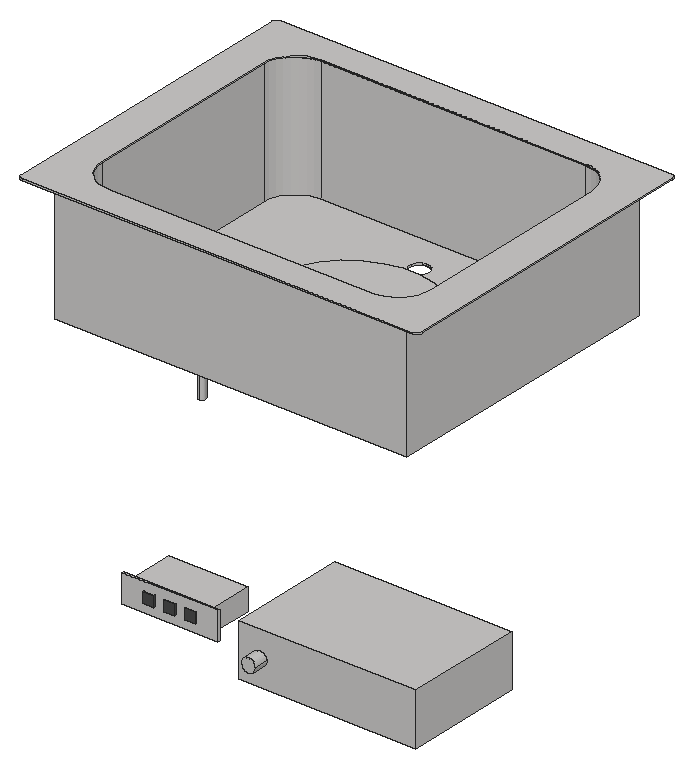
Revit family "QF_ELECTROLUXPROFESSIONAL_341093_D11R2", category Specialty Equipment, Revit 2018
Family settings
  Round Connector Dimension = Use Diameter
  Part Type = Normal
  Work Plane-Based = No
  Always vertical = Yes
  Cut with Voids When Loaded = No
  Shared = No
  Room Calculation Point = No
Parameters (values of type "Standard")
  Weight = 0.00 kg
  Watts = 0 W
  Volts = 220 V
  URL Manufacturer = "http://professional.electrolux.com"
  URL = "http://professional.electrolux.com"
  Steam Supply Size = 0 mm
  Steam Supply Minimum Pressure = 0.0 Pa
  Steam Supply Maximum Pressure = 0.0 Pa
  Steam Pounds per Hour = 0
  Show Clearance [instance] = yes
  Remote Electrical Box_Z [instance] = 200.00 mm
  Remote Electrical Box_Y [instance] = 500.00 mm
  Remote Electrical Box_X [instance] = 500.00 mm
  Refrigeration Suction Line Size = 0 mm
  Refrigeration Liquid Line Size = 0 mm
  Refrigerant Compressor Remote = yes
  Manufacturer = "Electrolux Professional"
  Phase = 1
  Model = "D11R2"
  Length Actual = 770.00 mm  # constant formula
  Item Number = "341093"
  Hot Water Size = 0 mm
  Height Actual = 280.00 mm  # constant formula
  HP = "0.1 HP"
  Gas Size = 0 mm
  Gas KW = 0
  Gas Input Pressure = 0 W
  Direct Waste Size = 25.4 mm
  Description = "DROP-IN REMOTE, REFRIGERATED WELL, STATIC W/FAN, 2GN"
  Depth Actual = 620.00 mm  # constant formula
  Cycle = 50 Hz
  Controller_Y [instance] = 500.00 mm
  Controller_1Z [instance] = 200.00 mm
  Controller_1X [instance] = 200.00 mm
  Condensate Return Size = 0 mm
  Compressed Air Volume = 0.0 L/s
  Compressed Air Size = 0 mm
  Compressed Air Pressure = 0.0 Pa
  Cold Water Size = 0 mm
  Accessory = yes
Types (2, lengths in mm): name | Volts | URL Manufacturer | URL | Manufacturer | Phase | Model | Item Number | Description | Cycle
  341041.rfa | 0 V | "" | 0.00 | 0.00 | 0 | 0.00 | "" | 0.00 | 0 Hz
  Standard | 220 V | "http://professional.electrolux.com" | "http://professional.electrolux.com" | "Electrolux Professional" | 1 | "D11R2" | "341093" | "DROP-IN REMOTE, REFRIGERATED WELL, STATIC W/FAN, 2GN" | 50 Hz
Reference planes
  plane 1 "Centro (Fronte/Retro)": y = 74.737
  plane 2: z = 0
  plane 3 "BACK": y = 384.737
  plane 4 "FRONT": y = -235.263
  plane 5 "RIGHT": x = -129.269
  plane 6 "LEFT": x = -899.269
  plane 7: x = -514.269
  plane 8 "TOP": z = 900
  plane 9: y = 352.737
  plane 10: y = -203.263
  plane 11: x = -176.469
  plane 12: x = -852.069
  plane 13: y = 329.737
  plane 14: y = -180.263
  plane 15: x = -829.269
  plane 16: x = -199.269
  plane 17: z = 898
  plane 18: z = 658
  plane 19: z = 661
  plane 20: z = 624.1
  plane 21: x = -346.269
  plane 22: y = 188.737
  plane 23: y = -39.263
  plane 24: x = -650.269
  plane 25: z = 265
  plane 26: x = -774.269
  plane 27: x = -324.269
  plane 28: x = -762.269
  plane 29: x = -336.269
  plane 30: y = -200.063
  plane 31: y = 349.537
  plane 32 "1": y = 239.737
  plane 33: y = -165.263
  plane 34: y = 314.737
  plane 35: x = -699.269
  plane 36: x = -399.269
  plane 37: y = -115.263
  plane 38: y = -115.263
  plane 39: z = 200
  plane 40: z = 200
Forms (mm)
  Extrusion 1, solid, material "QF_Finishes_Stainless Steel"
    sketch origin (0, 0, 900) x (-1, 0, 0) y (0, -1, 0)
      loop
        arc (889.269, -384.737) -> (896.34, -381.808) -> (899.269, -374.737) r 10
        line (899.269, -374.737) -> (899.269, 225.263)
        arc (899.269, 225.263) -> (896.34, 232.334) -> (889.269, 235.263) r 10
        line (889.269, 235.263) -> (139.269, 235.263)
        arc (139.269, 235.263) -> (132.198, 232.334) -> (129.269, 225.263) r 10
        line (129.269, 225.263) -> (129.269, -374.737)
        arc (129.269, -374.737) -> (132.198, -381.808) -> (139.269, -384.737) r 10
        line (139.269, -384.737) -> (889.269, -384.737)
      loop
        arc (768.269, -329.737) -> (811.402, -311.871) -> (829.269, -268.737) r 61
        line (829.269, -268.737) -> (829.269, 119.263)
        arc (829.269, 119.263) -> (811.402, 162.396) -> (768.269, 180.263) r 61
        line (768.269, 180.263) -> (260.269, 180.263)
        arc (260.269, 180.263) -> (217.135, 162.396) -> (199.269, 119.263) r 61
        line (199.269, 119.263) -> (199.269, -268.737)
        arc (199.269, -268.737) -> (217.135, -311.871) -> (260.269, -329.737) r 61
        line (260.269, -329.737) -> (768.269, -329.737)
    from 0 to -2
  Extrusion 2, solid, material "QF_Finishes_Stainless Steel"
    sketch origin (0, 0, 900) x (-1, 0, 0) y (0, -1, 0)
      loop
        line (176.469, -352.737) -> (852.069, -352.737) -> (852.069, 203.263) -> (176.469, 203.263) -> (176.469, -352.737)
    from -2 to -242
  Extrusion 3, void
    sketch origin (0, 0, 900) x (-1, 0, 0) y (0, -1, 0)
      loop
        line (829.269, -268.737) -> (829.269, 119.263)
        arc (829.269, 119.263) -> (811.402, 162.396) -> (768.269, 180.263) r 61
        line (768.269, 180.263) -> (260.269, 180.263)
        arc (260.269, 180.263) -> (217.135, 162.396) -> (199.269, 119.263) r 61
        line (199.269, 119.263) -> (199.269, -268.737)
        arc (199.269, -268.737) -> (217.135, -311.871) -> (260.269, -329.737) r 61
        line (260.269, -329.737) -> (768.269, -329.737)
        arc (768.269, -329.737) -> (811.402, -311.871) -> (829.269, -268.737) r 61
    from 0 to -239
  Extrusion 4, solid, material "QF_Finishes_Stainless Steel"
    sketch origin (0, 0, 900) x (-1, 0, 0) y (0, -1, 0)
      loop
        line (650.269, -188.737) -> (650.269, 39.263) -> (346.269, 39.263) -> (346.269, -188.737) -> (650.269, -188.737)
    from -242 to -275.9
  Extrusion 5, solid, material "QF_Finishes_Stainless Steel"
    sketch origin (0, 0, 900) x (-1, 0, 0) y (0, -1, 0)
      loop
        circle (513.769, -74.737) r 155
      loop
        circle (514.375, -74.737) r 3
      loop
        circle (534.375, -74.737) r 3
      loop
        circle (554.375, -74.737) r 3
      loop
        circle (574.375, -74.737) r 3
      loop
        circle (514.375, -54.737) r 3
      loop
        circle (514.375, -34.737) r 3
      loop
        circle (514.375, -14.737) r 3
      loop
        circle (528.517, -60.595) r 3
      loop
        circle (542.659, -46.453) r 3
      loop
        circle (552.659, -29.132) r 3
      loop
        circle (522.029, -56.259) r 3
      loop
        circle (532.852, -67.083) r 3
      loop
        circle (524.795, -34.792) r 3
      loop
        circle (528.504, -15.416) r 3
      loop
        circle (534.463, -38.203) r 3
      loop
        circle (542.258, -19.785) r 3
      loop
        circle (554.32, -64.317) r 3
      loop
        circle (573.696, -60.608) r 3
      loop
        circle (550.909, -54.649) r 3
      loop
        circle (569.327, -46.854) r 3
      loop
        circle (561.827, -36.943) r 3
      loop
        circle (528.517, -88.879) r 3
      loop
        circle (542.659, -103.021) r 3
      loop
        circle (552.659, -120.342) r 3
      loop
        circle (522.029, -93.215) r 3
      loop
        circle (532.852, -82.391) r 3
      loop
        circle (524.795, -114.682) r 3
      loop
        circle (528.504, -134.058) r 3
      loop
        circle (534.463, -111.271) r 3
      loop
        circle (542.258, -129.69) r 3
      loop
        circle (554.32, -85.157) r 3
      loop
        circle (573.696, -88.866) r 3
      loop
        circle (550.909, -94.825) r 3
      loop
        circle (569.327, -102.621) r 3
      loop
        circle (561.827, -112.531) r 3
      loop
        circle (514.375, -94.737) r 3
      loop
        circle (514.375, -114.737) r 3
      loop
        circle (514.375, -134.737) r 3
      loop
        circle (494.375, -74.737) r 3
      loop
        circle (474.375, -74.737) r 3
      loop
        circle (454.375, -74.737) r 3
      loop
        circle (500.233, -60.595) r 3
      loop
        circle (486.091, -46.453) r 3
      loop
        circle (476.091, -29.132) r 3
      loop
        circle (506.721, -56.259) r 3
      loop
        circle (495.897, -67.083) r 3
      loop
        circle (503.955, -34.792) r 3
      loop
        circle (500.246, -15.416) r 3
      loop
        circle (494.287, -38.203) r 3
      loop
        circle (486.491, -19.785) r 3
      loop
        circle (474.43, -64.317) r 3
      loop
        circle (455.054, -60.608) r 3
      loop
        circle (477.841, -54.649) r 3
      loop
        circle (459.422, -46.854) r 3
      loop
        circle (466.922, -36.943) r 3
      loop
        circle (500.233, -88.879) r 3
      loop
        circle (486.091, -103.021) r 3
      loop
        circle (476.091, -120.342) r 3
      loop
        circle (506.721, -93.215) r 3
      loop
        circle (495.897, -82.391) r 3
      loop
        circle (503.955, -114.682) r 3
      loop
        circle (500.246, -134.058) r 3
      loop
        circle (494.287, -111.271) r 3
      loop
        circle (486.491, -129.69) r 3
      loop
        circle (474.43, -85.157) r 3
      loop
        circle (455.054, -88.866) r 3
      loop
        circle (477.841, -94.825) r 3
      loop
        circle (459.422, -102.621) r 3
      loop
        circle (466.922, -112.531) r 3
    from -233.523 to -230.523
  Extrusion 6, void
    sketch origin (-257.78, -14, 902) x (-1, 0, 0) y (0, -1, 0)
      loop
        circle (260.269, -268.737) r 18
    from -315.366 to -239
  Sweep 7, solid, material "QF_Finishes_Stainless Steel"
    path origin (-4.2, 254.737, 2) x (-1, 0, 0) y (0, 0, 1)
      loop
        line (513.849, 656) -> (513.849, 625) -> (462.269, 625)
    profile origin (-518.049, 254.737, 642.5) x (0, 1, 0) y (-1, 0, 0)
      loop
        circle (0, 0) r 18
  Extrusion 8, solid, material "QF_Finishes_Stainless Steel"
    sketch origin (-907.332, 591.006, 746) x (0, -1, 0) y (1, 0, 0)
      loop
        circle (566.269, 155.263) r 6.35
    from -88 to -288
  Extrusion 9, solid, material "QF_Finishes_Stainless Steel"
    sketch origin (-907.332, 591.006, 746) x (0, -1, 0) y (1, 0, 0)
      loop
        circle (466.269, 155.263) r 4.76
    from -88 to -238
Cuts and joins
  Extrusion 3, Extrusion 6 cuts Extrusion 2
  Extrusion 6 cuts Sweep 7
Lines and regions (mm)
  symbolic lines
    curve 1: line (-139.269, 384.737, 900) -> (-889.269, 384.737, 900)
    curve 2: arc (-889.269, 384.737, 900) -> (-896.34, 381.808, 900) -> (-899.269, 374.737, 900) r 10
    curve 3: line (-899.269, 374.737, 900) -> (-899.269, -225.263, 900)
    curve 4: arc (-899.269, -225.263, 900) -> (-896.34, -232.334, 900) -> (-889.269, -235.263, 900) r 10
    curve 5: line (-889.269, -235.263, 900) -> (-139.269, -235.263, 900)
    curve 6: arc (-139.269, -235.263, 900) -> (-132.198, -232.334, 900) -> (-129.269, -225.263, 900) r 10
    curve 7: line (-129.269, -225.263, 900) -> (-129.269, 374.737, 900)
    curve 8: arc (-129.269, 374.737, 900) -> (-132.198, 381.808, 900) -> (-139.269, 384.737, 900) r 10
    curve 9: line (-768.269, 329.737, 900) -> (-260.269, 329.737, 900)
    curve 10: arc (-260.269, 329.737, 900) -> (-217.135, 311.871, 900) -> (-199.269, 268.737, 900) r 61
    curve 11: line (-199.269, 268.737, 900) -> (-199.269, -119.263, 900)
    curve 12: arc (-199.269, -119.263, 900) -> (-217.135, -162.396, 900) -> (-260.269, -180.263, 900) r 61
    curve 13: line (-260.269, -180.263, 900) -> (-768.269, -180.263, 900)
    curve 14: arc (-768.269, -180.263, 900) -> (-811.402, -162.396, 900) -> (-829.269, -119.263, 900) r 61
    curve 15: line (-829.269, -119.263, 900) -> (-829.269, 268.737, 900)
    curve 16: arc (-829.269, 268.737, 900) -> (-811.402, 311.871, 900) -> (-768.269, 329.737, 900) r 61
    curve 17: arc (-536.049, 254.737, 900) -> (-518.049, 236.737, 900) -> (-500.049, 254.737, 900) r 18
    curve 18: arc (-500.049, 254.737, 900) -> (-518.049, 272.737, 900) -> (-536.049, 254.737, 900) r 18
    curve 19: arc (-358.769, 74.737, 900) -> (-513.769, 229.737, 900) -> (-668.769, 74.737, 900) r 155
    curve 20: arc (-668.769, 74.737, 900) -> (-513.769, -80.263, 900) -> (-358.769, 74.737, 900) r 155
    curve 29: arc (-511.375, 74.737, 900) -> (-514.375, 71.737, 900) -> (-517.375, 74.737, 900) r 3
    curve 30: arc (-517.375, 74.737, 900) -> (-514.375, 77.737, 900) -> (-511.375, 74.737, 900) r 3
    curve 31: arc (-511.375, 54.737, 900) -> (-514.375, 51.737, 900) -> (-517.375, 54.737, 900) r 3
    curve 32: arc (-517.375, 54.737, 900) -> (-514.375, 57.737, 900) -> (-511.375, 54.737, 900) r 3
    curve 33: arc (-511.375, 34.737, 900) -> (-514.375, 31.737, 900) -> (-517.375, 34.737, 900) r 3
    curve 34: arc (-517.375, 34.737, 900) -> (-514.375, 37.737, 900) -> (-511.375, 34.737, 900) r 3
    curve 35: arc (-511.375, 14.737, 900) -> (-514.375, 11.737, 900) -> (-517.375, 14.737, 900) r 3
    curve 36: arc (-517.375, 14.737, 900) -> (-514.375, 17.737, 900) -> (-511.375, 14.737, 900) r 3
    curve 37: arc (-525.504, 15.416, 900) -> (-528.504, 12.416, 900) -> (-531.504, 15.416, 900) r 3
    curve 38: arc (-531.504, 15.416, 900) -> (-528.504, 18.416, 900) -> (-525.504, 15.416, 900) r 3
    curve 39: arc (-521.795, 34.792, 900) -> (-524.795, 31.792, 900) -> (-527.795, 34.792, 900) r 3
    curve 40: arc (-527.795, 34.792, 900) -> (-524.795, 37.792, 900) -> (-521.795, 34.792, 900) r 3
    curve 41: arc (-525.029, 56.259, 900) -> (-522.029, 59.259, 900) -> (-519.029, 56.259, 900) r 3
    curve 42: arc (-519.029, 56.259, 900) -> (-522.029, 53.259, 900) -> (-525.029, 56.259, 900) r 3
    curve 43: arc (-531.517, 60.595, 900) -> (-528.517, 63.595, 900) -> (-525.517, 60.595, 900) r 3
    curve 44: arc (-525.517, 60.595, 900) -> (-528.517, 57.595, 900) -> (-531.517, 60.595, 900) r 3
    curve 45: arc (-545.659, 46.453, 900) -> (-542.659, 49.453, 900) -> (-539.659, 46.453, 900) r 3
    curve 46: arc (-539.659, 46.453, 900) -> (-542.659, 43.453, 900) -> (-545.659, 46.453, 900) r 3
    curve 47: arc (-537.463, 38.203, 900) -> (-534.463, 41.203, 900) -> (-531.463, 38.203, 900) r 3
    curve 48: arc (-531.463, 38.203, 900) -> (-534.463, 35.203, 900) -> (-537.463, 38.203, 900) r 3
    curve 49: arc (-545.258, 19.785, 900) -> (-542.258, 22.785, 900) -> (-539.258, 19.785, 900) r 3
    curve 50: arc (-539.258, 19.785, 900) -> (-542.258, 16.785, 900) -> (-545.258, 19.785, 900) r 3
    curve 51: arc (-570.696, 60.608, 900) -> (-573.696, 57.608, 900) -> (-576.696, 60.608, 900) r 3
    curve 52: arc (-576.696, 60.608, 900) -> (-573.696, 63.608, 900) -> (-570.696, 60.608, 900) r 3
    curve 53: arc (-572.327, 46.854, 900) -> (-569.327, 49.854, 900) -> (-566.327, 46.854, 900) r 3
    curve 54: arc (-566.327, 46.854, 900) -> (-569.327, 43.854, 900) -> (-572.327, 46.854, 900) r 3
    curve 55: arc (-564.827, 36.943, 900) -> (-561.827, 39.943, 900) -> (-558.827, 36.943, 900) r 3
    curve 56: arc (-558.827, 36.943, 900) -> (-561.827, 33.943, 900) -> (-564.827, 36.943, 900) r 3
    curve 57: arc (-555.659, 29.132, 900) -> (-552.659, 32.132, 900) -> (-549.659, 29.132, 900) r 3
    curve 58: arc (-549.659, 29.132, 900) -> (-552.659, 26.132, 900) -> (-555.659, 29.132, 900) r 3
    curve 59: arc (-557.32, 64.317, 900) -> (-554.32, 67.317, 900) -> (-551.32, 64.317, 900) r 3
    curve 60: arc (-551.32, 64.317, 900) -> (-554.32, 61.317, 900) -> (-557.32, 64.317, 900) r 3
    curve 61: arc (-553.909, 54.649, 900) -> (-550.909, 57.649, 900) -> (-547.909, 54.649, 900) r 3
    curve 62: arc (-547.909, 54.649, 900) -> (-550.909, 51.649, 900) -> (-553.909, 54.649, 900) r 3
    curve 63: arc (-529.852, 67.083, 900) -> (-532.852, 64.083, 900) -> (-535.852, 67.083, 900) r 3
    curve 64: arc (-535.852, 67.083, 900) -> (-532.852, 70.083, 900) -> (-529.852, 67.083, 900) r 3
    curve 65: arc (-537.375, 74.737, 900) -> (-534.375, 77.737, 900) -> (-531.375, 74.737, 900) r 3
    curve 66: arc (-531.375, 74.737, 900) -> (-534.375, 71.737, 900) -> (-537.375, 74.737, 900) r 3
    curve 67: arc (-557.375, 74.737, 900) -> (-554.375, 77.737, 900) -> (-551.375, 74.737, 900) r 3
    curve 68: arc (-551.375, 74.737, 900) -> (-554.375, 71.737, 900) -> (-557.375, 74.737, 900) r 3
    curve 69: arc (-577.375, 74.737, 900) -> (-574.375, 77.737, 900) -> (-571.375, 74.737, 900) r 3
    curve 70: arc (-571.375, 74.737, 900) -> (-574.375, 71.737, 900) -> (-577.375, 74.737, 900) r 3
    curve 71: arc (-525.504, 134.058, 900) -> (-528.504, 137.058, 900) -> (-531.504, 134.058, 900) r 3
    curve 72: arc (-531.504, 134.058, 900) -> (-528.504, 131.058, 900) -> (-525.504, 134.058, 900) r 3
    curve 73: arc (-521.795, 114.682, 900) -> (-524.795, 117.682, 900) -> (-527.795, 114.682, 900) r 3
    curve 74: arc (-527.795, 114.682, 900) -> (-524.795, 111.682, 900) -> (-521.795, 114.682, 900) r 3
    curve 75: arc (-525.029, 93.215, 900) -> (-522.029, 90.215, 900) -> (-519.029, 93.215, 900) r 3
    curve 76: arc (-519.029, 93.215, 900) -> (-522.029, 96.215, 900) -> (-525.029, 93.215, 900) r 3
    curve 77: arc (-531.517, 88.879, 900) -> (-528.517, 85.879, 900) -> (-525.517, 88.879, 900) r 3
    curve 78: arc (-525.517, 88.879, 900) -> (-528.517, 91.879, 900) -> (-531.517, 88.879, 900) r 3
    curve 79: arc (-545.659, 103.021, 900) -> (-542.659, 100.021, 900) -> (-539.659, 103.021, 900) r 3
    curve 80: arc (-539.659, 103.021, 900) -> (-542.659, 106.021, 900) -> (-545.659, 103.021, 900) r 3
    curve 81: arc (-537.463, 111.271, 900) -> (-534.463, 108.271, 900) -> (-531.463, 111.271, 900) r 3
    curve 82: arc (-531.463, 111.271, 900) -> (-534.463, 114.271, 900) -> (-537.463, 111.271, 900) r 3
    curve 83: arc (-545.258, 129.69, 900) -> (-542.258, 126.69, 900) -> (-539.258, 129.69, 900) r 3
    curve 84: arc (-539.258, 129.69, 900) -> (-542.258, 132.69, 900) -> (-545.258, 129.69, 900) r 3
    curve 85: arc (-570.696, 88.866, 900) -> (-573.696, 91.866, 900) -> (-576.696, 88.866, 900) r 3
    curve 86: arc (-576.696, 88.866, 900) -> (-573.696, 85.866, 900) -> (-570.696, 88.866, 900) r 3
    curve 87: arc (-572.327, 102.621, 900) -> (-569.327, 99.621, 900) -> (-566.327, 102.621, 900) r 3
    curve 88: arc (-566.327, 102.621, 900) -> (-569.327, 105.621, 900) -> (-572.327, 102.621, 900) r 3
    curve 89: arc (-564.827, 112.531, 900) -> (-561.827, 109.531, 900) -> (-558.827, 112.531, 900) r 3
    curve 90: arc (-558.827, 112.531, 900) -> (-561.827, 115.531, 900) -> (-564.827, 112.531, 900) r 3
    curve 91: arc (-555.659, 120.342, 900) -> (-552.659, 117.342, 900) -> (-549.659, 120.342, 900) r 3
    curve 92: arc (-549.659, 120.342, 900) -> (-552.659, 123.342, 900) -> (-555.659, 120.342, 900) r 3
    curve 93: arc (-557.32, 85.157, 900) -> (-554.32, 82.157, 900) -> (-551.32, 85.157, 900) r 3
    curve 94: arc (-551.32, 85.157, 900) -> (-554.32, 88.157, 900) -> (-557.32, 85.157, 900) r 3
    curve 95: arc (-553.909, 94.825, 900) -> (-550.909, 91.825, 900) -> (-547.909, 94.825, 900) r 3
    curve 96: arc (-547.909, 94.825, 900) -> (-550.909, 97.825, 900) -> (-553.909, 94.825, 900) r 3
    curve 97: arc (-529.852, 82.391, 900) -> (-532.852, 85.391, 900) -> (-535.852, 82.391, 900) r 3
    curve 98: arc (-535.852, 82.391, 900) -> (-532.852, 79.391, 900) -> (-529.852, 82.391, 900) r 3
    curve 99: arc (-511.375, 94.737, 900) -> (-514.375, 97.737, 900) -> (-517.375, 94.737, 900) r 3
    curve 100: arc (-517.375, 94.737, 900) -> (-514.375, 91.737, 900) -> (-511.375, 94.737, 900) r 3
    curve 101: arc (-511.375, 114.737, 900) -> (-514.375, 117.737, 900) -> (-517.375, 114.737, 900) r 3
    curve 102: arc (-517.375, 114.737, 900) -> (-514.375, 111.737, 900) -> (-511.375, 114.737, 900) r 3
    curve 103: arc (-511.375, 134.737, 900) -> (-514.375, 137.737, 900) -> (-517.375, 134.737, 900) r 3
    curve 104: arc (-517.375, 134.737, 900) -> (-514.375, 131.737, 900) -> (-511.375, 134.737, 900) r 3
    curve 105: arc (-503.246, 15.416, 900) -> (-500.246, 12.416, 900) -> (-497.246, 15.416, 900) r 3
    curve 106: arc (-497.246, 15.416, 900) -> (-500.246, 18.416, 900) -> (-503.246, 15.416, 900) r 3
    curve 107: arc (-506.955, 34.792, 900) -> (-503.955, 31.792, 900) -> (-500.955, 34.792, 900) r 3
    curve 108: arc (-500.955, 34.792, 900) -> (-503.955, 37.792, 900) -> (-506.955, 34.792, 900) r 3
    curve 109: arc (-503.721, 56.259, 900) -> (-506.721, 59.259, 900) -> (-509.721, 56.259, 900) r 3
    curve 110: arc (-509.721, 56.259, 900) -> (-506.721, 53.259, 900) -> (-503.721, 56.259, 900) r 3
    curve 111: arc (-497.233, 60.595, 900) -> (-500.233, 63.595, 900) -> (-503.233, 60.595, 900) r 3
    curve 112: arc (-503.233, 60.595, 900) -> (-500.233, 57.595, 900) -> (-497.233, 60.595, 900) r 3
    curve 113: arc (-483.091, 46.453, 900) -> (-486.091, 49.453, 900) -> (-489.091, 46.453, 900) r 3
    curve 114: arc (-489.091, 46.453, 900) -> (-486.091, 43.453, 900) -> (-483.091, 46.453, 900) r 3
    curve 115: arc (-491.287, 38.203, 900) -> (-494.287, 41.203, 900) -> (-497.287, 38.203, 900) r 3
    curve 116: arc (-497.287, 38.203, 900) -> (-494.287, 35.203, 900) -> (-491.287, 38.203, 900) r 3
    curve 117: arc (-483.491, 19.785, 900) -> (-486.491, 22.785, 900) -> (-489.491, 19.785, 900) r 3
    curve 118: arc (-489.491, 19.785, 900) -> (-486.491, 16.785, 900) -> (-483.491, 19.785, 900) r 3
    curve 119: arc (-458.054, 60.608, 900) -> (-455.054, 57.608, 900) -> (-452.054, 60.608, 900) r 3
    curve 120: arc (-452.054, 60.608, 900) -> (-455.054, 63.608, 900) -> (-458.054, 60.608, 900) r 3
    curve 121: arc (-456.422, 46.854, 900) -> (-459.422, 49.854, 900) -> (-462.422, 46.854, 900) r 3
    curve 122: arc (-462.422, 46.854, 900) -> (-459.422, 43.854, 900) -> (-456.422, 46.854, 900) r 3
    curve 123: arc (-463.922, 36.943, 900) -> (-466.922, 39.943, 900) -> (-469.922, 36.943, 900) r 3
    curve 124: arc (-469.922, 36.943, 900) -> (-466.922, 33.943, 900) -> (-463.922, 36.943, 900) r 3
    curve 125: arc (-473.091, 29.132, 900) -> (-476.091, 32.132, 900) -> (-479.091, 29.132, 900) r 3
    curve 126: arc (-479.091, 29.132, 900) -> (-476.091, 26.132, 900) -> (-473.091, 29.132, 900) r 3
    curve 127: arc (-471.43, 64.317, 900) -> (-474.43, 67.317, 900) -> (-477.43, 64.317, 900) r 3
    curve 128: arc (-477.43, 64.317, 900) -> (-474.43, 61.317, 900) -> (-471.43, 64.317, 900) r 3
    curve 129: arc (-474.841, 54.649, 900) -> (-477.841, 57.649, 900) -> (-480.841, 54.649, 900) r 3
    curve 130: arc (-480.841, 54.649, 900) -> (-477.841, 51.649, 900) -> (-474.841, 54.649, 900) r 3
    curve 131: arc (-498.897, 67.083, 900) -> (-495.897, 64.083, 900) -> (-492.897, 67.083, 900) r 3
    curve 132: arc (-492.897, 67.083, 900) -> (-495.897, 70.083, 900) -> (-498.897, 67.083, 900) r 3
    curve 133: arc (-491.375, 74.737, 900) -> (-494.375, 77.737, 900) -> (-497.375, 74.737, 900) r 3
    curve 134: arc (-497.375, 74.737, 900) -> (-494.375, 71.737, 900) -> (-491.375, 74.737, 900) r 3
    curve 135: arc (-471.375, 74.737, 900) -> (-474.375, 77.737, 900) -> (-477.375, 74.737, 900) r 3
    curve 136: arc (-477.375, 74.737, 900) -> (-474.375, 71.737, 900) -> (-471.375, 74.737, 900) r 3
    curve 137: arc (-451.375, 74.737, 900) -> (-454.375, 77.737, 900) -> (-457.375, 74.737, 900) r 3
    curve 138: arc (-457.375, 74.737, 900) -> (-454.375, 71.737, 900) -> (-451.375, 74.737, 900) r 3
    curve 139: arc (-503.246, 134.058, 900) -> (-500.246, 137.058, 900) -> (-497.246, 134.058, 900) r 3
    curve 140: arc (-497.246, 134.058, 900) -> (-500.246, 131.058, 900) -> (-503.246, 134.058, 900) r 3
    curve 141: arc (-506.955, 114.682, 900) -> (-503.955, 117.682, 900) -> (-500.955, 114.682, 900) r 3
    curve 142: arc (-500.955, 114.682, 900) -> (-503.955, 111.682, 900) -> (-506.955, 114.682, 900) r 3
    curve 143: arc (-503.721, 93.215, 900) -> (-506.721, 90.215, 900) -> (-509.721, 93.215, 900) r 3
    curve 144: arc (-509.721, 93.215, 900) -> (-506.721, 96.215, 900) -> (-503.721, 93.215, 900) r 3
    curve 145: arc (-497.233, 88.879, 900) -> (-500.233, 85.879, 900) -> (-503.233, 88.879, 900) r 3
    curve 146: arc (-503.233, 88.879, 900) -> (-500.233, 91.879, 900) -> (-497.233, 88.879, 900) r 3
    curve 147: arc (-483.091, 103.021, 900) -> (-486.091, 100.021, 900) -> (-489.091, 103.021, 900) r 3
    curve 148: arc (-489.091, 103.021, 900) -> (-486.091, 106.021, 900) -> (-483.091, 103.021, 900) r 3
    curve 149: arc (-491.287, 111.271, 900) -> (-494.287, 108.271, 900) -> (-497.287, 111.271, 900) r 3
    curve 150: arc (-497.287, 111.271, 900) -> (-494.287, 114.271, 900) -> (-491.287, 111.271, 900) r 3
    curve 151: arc (-483.491, 129.69, 900) -> (-486.491, 126.69, 900) -> (-489.491, 129.69, 900) r 3
    curve 152: arc (-489.491, 129.69, 900) -> (-486.491, 132.69, 900) -> (-483.491, 129.69, 900) r 3
    curve 153: arc (-458.054, 88.866, 900) -> (-455.054, 91.866, 900) -> (-452.054, 88.866, 900) r 3
    curve 154: arc (-452.054, 88.866, 900) -> (-455.054, 85.866, 900) -> (-458.054, 88.866, 900) r 3
    curve 155: arc (-456.422, 102.621, 900) -> (-459.422, 99.621, 900) -> (-462.422, 102.621, 900) r 3
    curve 156: arc (-462.422, 102.621, 900) -> (-459.422, 105.621, 900) -> (-456.422, 102.621, 900) r 3
    curve 157: arc (-463.922, 112.531, 900) -> (-466.922, 109.531, 900) -> (-469.922, 112.531, 900) r 3
    curve 158: arc (-469.922, 112.531, 900) -> (-466.922, 115.531, 900) -> (-463.922, 112.531, 900) r 3
    curve 159: arc (-473.091, 120.342, 900) -> (-476.091, 117.342, 900) -> (-479.091, 120.342, 900) r 3
    curve 160: arc (-479.091, 120.342, 900) -> (-476.091, 123.342, 900) -> (-473.091, 120.342, 900) r 3
    curve 161: arc (-471.43, 85.157, 900) -> (-474.43, 82.157, 900) -> (-477.43, 85.157, 900) r 3
    curve 162: arc (-477.43, 85.157, 900) -> (-474.43, 88.157, 900) -> (-471.43, 85.157, 900) r 3
    curve 163: arc (-474.841, 94.825, 900) -> (-477.841, 91.825, 900) -> (-480.841, 94.825, 900) r 3
    curve 164: arc (-480.841, 94.825, 900) -> (-477.841, 97.825, 900) -> (-474.841, 94.825, 900) r 3
    curve 165: arc (-498.897, 82.391, 900) -> (-495.897, 85.391, 900) -> (-492.897, 82.391, 900) r 3
    curve 166: arc (-492.897, 82.391, 900) -> (-495.897, 79.391, 900) -> (-498.897, 82.391, 900) r 3
  symbolic lines, style "SpecialityEquipmentHiddenLines"
    curve 21: line (-852.069, 352.737, 900) -> (-176.469, 352.737, 900)
    curve 22: line (-852.069, -203.263, 900) -> (-852.069, 352.737, 900)
    curve 23: line (-176.469, -203.263, 900) -> (-852.069, -203.263, 900)
    curve 24: line (-176.469, 352.737, 900) -> (-176.469, -203.263, 900)
    curve 25: line (-774.269, 314.737, 900) -> (-324.269, 314.737, 900)
    curve 26: line (-774.269, -165.263, 900) -> (-774.269, 314.737, 900)
    curve 27: line (-324.269, -165.263, 900) -> (-774.269, -165.263, 900)
    curve 28: line (-324.269, 314.737, 900) -> (-324.269, -165.263, 900)
    curve 167: line (-514.269, 329.737, 900) -> (-514.269, -180.263, 900)
Dimensions and locks
  plane 6 "LEFT" to plane 5 "RIGHT" = 770.00 mm
  equal spacing: plane 3 "BACK", plane 1 "Centro (Fronte/Retro)", plane 4 "FRONT"
  plane 3 "BACK" to plane 4 "FRONT" = 620.00 mm
  equal spacing: plane 6 "LEFT", plane 7, plane 5 "RIGHT"
  locked: plane 8 "TOP" to plane 2 at 900
  locked: plane 6 "LEFT" to plane 12 at 47.2
  locked: plane 11 to plane 5 "RIGHT" at 47.2
  locked: plane 3 "BACK" to plane 9 at 32
  locked: plane 10 to plane 4 "FRONT" at 32
  locked: plane 3 "BACK" to plane 13 at 55
  locked: plane 14 to plane 4 "FRONT" at 55
  locked: plane 6 "LEFT" to plane 15 at 70
  locked: plane 16 to plane 5 "RIGHT" at 70
  locked: plane 8 "TOP" to plane 17 at 2
  plane 8 "TOP" to plane 18 = 242.00 mm
  locked: plane 19 to plane 18 at 3
  locked: plane 8 "TOP" to plane 20 at 275.9
  plane 21 to plane 11 = 169.80 mm
  locked: plane 9 to plane 22 at 164
  locked: plane 23 to plane 10 at 164
  plane 12 to plane 24 = 201.80 mm
  plane 8 "TOP" to plane 25 = 635.00 mm
  plane 27 to plane 26 = 450.00 mm
  locked: plane 28 to plane 26 at 12
  locked: plane 27 to plane 29 at 12
  equal spacing: plane 30, plane 1 "Centro (Fronte/Retro)", plane 31
  plane 18 to plane 25 = 393.00 mm
  plane 15 to plane 16 = 630.00 mm
  cut or joined group of Extrusion 2, Extrusion 3, Extrusion 6 to cut or joined group of Extrusion 2, Extrusion 3, Extrusion 6 = 510.00 mm
  plane 26 to plane 6 "LEFT" = 125.00 mm
  equal spacing: plane 33, plane 1 "Centro (Fronte/Retro)", plane 34
  plane 33 to plane 34 = 480.00 mm
  "Controller_Y": plane 3 "BACK" to plane 37
  "Remote Electrical Box_Y": plane 3 "BACK" to plane 38
  "Controller_1X": plane 6 "LEFT" to plane 35
  "Remote Electrical Box_X": plane 6 "LEFT" to plane 36
  "Controller_1Z": plane 39 to plane 2
  "Remote Electrical Box_Z": plane 40 to plane 2
  aligned and locked: level to plane 2
  aligned and locked: Extrusion 1 sketch curve to plane 3 "BACK"
  aligned and locked: plane 6 "LEFT" to Extrusion 1 sketch curve
  aligned and locked: plane 4 "FRONT" to Extrusion 1 sketch curve
  aligned and locked: Extrusion 1 sketch curve to plane 5 "RIGHT"
  aligned and locked: Extrusion 1 sketch curve to plane 13
  aligned and locked: plane 15 to Extrusion 1 sketch curve
  aligned and locked: plane 14 to Extrusion 1 sketch curve
  aligned and locked: Extrusion 1 sketch curve to plane 16
  aligned and locked: Extrusion 1 to plane 17
  aligned and locked: plane 9 to Extrusion 2 sketch curve
  aligned and locked: plane 11 to Extrusion 2 sketch curve
  aligned and locked: Extrusion 2 sketch curve to plane 10
  aligned and locked: Extrusion 2 sketch curve to plane 12
  aligned and locked: Extrusion 2 to plane 18
  aligned and locked: Extrusion 2 to Extrusion 1
  aligned and locked: Extrusion 3 sketch curve to Extrusion 1  (x4)
  aligned and locked: Extrusion 3 to plane 19
  aligned and locked: Extrusion 4 sketch curve to plane 22
  aligned and locked: plane 23 to Extrusion 4 sketch curve
  aligned and locked: Extrusion 4 sketch curve to plane 21
  aligned and locked: Extrusion 4 to plane 20
  aligned and locked: plane 18 to Extrusion 4
  aligned and locked: Extrusion 4 to plane 24
  aligned and locked: nested 1 to plane 35
  aligned and locked: nested 2 to plane 36
  aligned and locked: plane 38 to nested 2
  aligned and locked: nested 1 to plane 37
  aligned and locked: plane 40 to nested 2
  aligned and locked: nested 1 to plane 39
Automatic sketch dimensions
  Extrusion 1 sketch curve to plane 5 "RIGHT" = 10.00 mm  (x2)
  Extrusion 1 sketch curve to plane 16 = 61.00 mm
  plane 14 to Extrusion 1 sketch curve = 61.00 mm  (x2)
  plane 15 to Extrusion 1 sketch curve = 61.00 mm
  Extrusion 1 sketch curve to plane 3 "BACK" = 10.00 mm
  plane 4 "FRONT" to Extrusion 1 sketch curve = 10.00 mm
  Extrusion 3 sketch curve to plane 13 = 61.00 mm
  Extrusion 3 sketch curve to plane 16 = 61.00 mm
  plane 14 to Extrusion 3 sketch curve = 61.00 mm
  plane 15 to Extrusion 3 sketch curve = 61.00 mm
  plane 15 to Extrusion 4 sketch curve = 179.00 mm
  plane 1 "Centro (Fronte/Retro)" to Extrusion 5 sketch curve = 0.00 mm  (x8)
  plane 7 to Extrusion 5 sketch curve = 59.894 mm
  Extrusion 5 sketch curve to Extrusion 5 sketch curve = 0.679 mm  (x5)
  Extrusion 5 sketch curve to Extrusion 5 sketch curve = 4.368 mm  (x8)
  Extrusion 5 sketch curve to Extrusion 5 sketch curve = 7.50 mm  (x4)
  Extrusion 5 sketch curve to Extrusion 5 sketch curve = 20.00 mm
  Extrusion 5 sketch curve to Extrusion 5 sketch curve = 0.055 mm  (x5)
  Extrusion 5 sketch curve to Extrusion 5 sketch curve = 9.168 mm  (x4)
  Extrusion 5 sketch curve to Extrusion 5 sketch curve = 3.411 mm  (x8)
  Extrusion 5 sketch curve to Extrusion 5 sketch curve = 8.25 mm  (x8)
  Extrusion 5 sketch curve to Extrusion 5 sketch curve = 10.401 mm  (x4)
  Extrusion 5 sketch curve to Extrusion 5 sketch curve = 8.196 mm  (x8)
  plane 7 to Extrusion 5 sketch curve = 19.894 mm
  Extrusion 5 sketch curve to Extrusion 5 sketch curve = 1.522 mm  (x5)
  Extrusion 5 sketch curve to Extrusion 5 sketch curve = 4.335 mm  (x8)
  plane 7 to Extrusion 5 sketch curve = 14.023 mm  (x2)
  Extrusion 5 sketch curve to Extrusion 5 sketch curve = 9.668 mm  (x8)
  plane 7 to Extrusion 5 sketch curve = 7.547 mm  (x2)
  plane 7 to Extrusion 5 sketch curve = 0.50 mm
  Extrusion 5 sketch curve to plane 7 = 0.106 mm  (x7)
  Extrusion 5 sketch curve to plane 7 = 7.76 mm  (x2)
  Extrusion 5 sketch curve to Extrusion 5 sketch curve = 10.42 mm  (x2)
  Extrusion 5 sketch curve to Extrusion 5 sketch curve = 14.129 mm  (x2)
  Extrusion 5 sketch curve to Extrusion 5 sketch curve = 6.488 mm  (x6)
  Extrusion 5 sketch curve to Extrusion 5 sketch curve = 13.754 mm  (x6)
  Extrusion 5 sketch curve to plane 1 "Centro (Fronte/Retro)" = 7.654 mm  (x2)
  Extrusion 5 sketch curve to plane 1 "Centro (Fronte/Retro)" = 10.42 mm  (x2)
  Extrusion 5 sketch curve to plane 1 "Centro (Fronte/Retro)" = 14.129 mm  (x2)
  Extrusion 5 sketch curve to Extrusion 5 sketch curve = 9.91 mm  (x4)
  Extrusion 5 sketch curve to Extrusion 5 sketch curve = 7.811 mm  (x4)
  Extrusion 5 sketch curve to Extrusion 5 sketch curve = 9.348 mm  (x4)
  plane 1 "Centro (Fronte/Retro)" to Extrusion 5 sketch curve = 7.654 mm  (x2)
  plane 1 "Centro (Fronte/Retro)" to Extrusion 5 sketch curve = 10.42 mm  (x2)
  plane 1 "Centro (Fronte/Retro)" to Extrusion 5 sketch curve = 14.129 mm  (x2)
  curve 29 to curve 30 = 0.00 mm  (x2)
  curve 31 to curve 32 = 0.00 mm  (x2)
  curve 33 to curve 34 = 0.00 mm  (x2)
  curve 35 to curve 36 = 0.00 mm  (x2)
  curve 37 to curve 38 = 0.00 mm  (x2)
  curve 39 to curve 40 = 0.00 mm  (x2)
  curve 41 to curve 42 = 0.00 mm  (x2)
  curve 43 to curve 44 = 0.00 mm  (x2)
  curve 45 to curve 46 = 0.00 mm  (x2)
  curve 47 to curve 48 = 0.00 mm  (x2)
  curve 49 to curve 50 = 0.00 mm  (x2)
  curve 51 to curve 52 = 0.00 mm  (x2)
  curve 53 to curve 54 = 0.00 mm  (x2)
  curve 55 to curve 56 = 0.00 mm  (x2)
  curve 57 to curve 58 = 0.00 mm  (x2)
  curve 59 to curve 60 = 0.00 mm  (x2)
  curve 61 to curve 62 = 0.00 mm  (x2)
  curve 63 to curve 64 = 0.00 mm  (x2)
  curve 65 to curve 66 = 0.00 mm  (x2)
  curve 67 to curve 68 = 0.00 mm  (x2)
  curve 69 to curve 70 = 0.00 mm  (x2)
  curve 71 to curve 72 = 0.00 mm  (x2)
  curve 73 to curve 74 = 0.00 mm  (x2)
  curve 75 to curve 76 = 0.00 mm  (x2)
  curve 77 to curve 78 = 0.00 mm  (x2)
  curve 79 to curve 80 = 0.00 mm  (x2)
  curve 81 to curve 82 = 0.00 mm  (x2)
  curve 83 to curve 84 = 0.00 mm  (x2)
  curve 85 to curve 86 = 0.00 mm  (x2)
  curve 87 to curve 88 = 0.00 mm  (x2)
  curve 89 to curve 90 = 0.00 mm  (x2)
  curve 91 to curve 92 = 0.00 mm  (x2)
  curve 93 to curve 94 = 0.00 mm  (x2)
  curve 95 to curve 96 = 0.00 mm  (x2)
  curve 97 to curve 98 = 0.00 mm  (x2)
  curve 99 to curve 100 = 0.00 mm  (x2)
  curve 101 to curve 102 = 0.00 mm  (x2)
  curve 103 to curve 104 = 0.00 mm  (x2)
  curve 105 to curve 106 = 0.00 mm  (x2)
  curve 107 to curve 108 = 0.00 mm  (x2)
  curve 109 to curve 110 = 0.00 mm  (x2)
  curve 111 to curve 112 = 0.00 mm  (x2)
  curve 113 to curve 114 = 0.00 mm  (x2)
  curve 115 to curve 116 = 0.00 mm  (x2)
  curve 117 to curve 118 = 0.00 mm  (x2)
  curve 119 to curve 120 = 0.00 mm  (x2)
  curve 121 to curve 122 = 0.00 mm  (x2)
  curve 123 to curve 124 = 0.00 mm  (x2)
  curve 125 to curve 126 = 0.00 mm  (x2)
  curve 127 to curve 128 = 0.00 mm  (x2)
  curve 129 to curve 130 = 0.00 mm  (x2)
  curve 131 to curve 132 = 0.00 mm  (x2)
  curve 133 to curve 134 = 0.00 mm  (x2)
  curve 135 to curve 136 = 0.00 mm  (x2)
  curve 137 to curve 138 = 0.00 mm  (x2)
  curve 139 to curve 140 = 0.00 mm  (x2)
  curve 141 to curve 142 = 0.00 mm  (x2)
  curve 143 to curve 144 = 0.00 mm  (x2)
  curve 145 to curve 146 = 0.00 mm  (x2)
  curve 147 to curve 148 = 0.00 mm  (x2)
  curve 149 to curve 150 = 0.00 mm  (x2)
  curve 151 to curve 152 = 0.00 mm  (x2)
  curve 153 to curve 154 = 0.00 mm  (x2)
  curve 155 to curve 156 = 0.00 mm  (x2)
  curve 157 to curve 158 = 0.00 mm  (x2)
  curve 159 to curve 160 = 0.00 mm  (x2)
  curve 161 to curve 162 = 0.00 mm  (x2)
  curve 163 to curve 164 = 0.00 mm  (x2)
  curve 165 to curve 166 = 0.00 mm  (x2)
  plane 1 "Centro (Fronte/Retro)" to curve 138 = 0.00 mm
  plane 1 "Centro (Fronte/Retro)" to curve 136 = 0.00 mm
  plane 1 "Centro (Fronte/Retro)" to curve 133 = 0.00 mm
  plane 1 "Centro (Fronte/Retro)" to curve 30 = 0.00 mm
  plane 1 "Centro (Fronte/Retro)" to curve 65 = 0.00 mm
  plane 1 "Centro (Fronte/Retro)" to curve 67 = 0.00 mm
  plane 1 "Centro (Fronte/Retro)" to curve 70 = 0.00 mm
  plane 7 to curve 137 = 59.894 mm
  curve 137 to curve 119 = 0.679 mm
  curve 137 to curve 154 = 0.679 mm
  curve 153 to curve 156 = 4.368 mm
  curve 119 to curve 122 = 4.368 mm
  curve 121 to curve 123 = 7.50 mm
  curve 155 to curve 158 = 7.50 mm
  curve 137 to curve 135 = 20.00 mm
  curve 135 to curve 127 = 0.055 mm
  curve 135 to curve 162 = 0.055 mm
  curve 123 to curve 126 = 9.168 mm
  curve 157 to curve 159 = 9.168 mm
  curve 161 to curve 163 = 3.411 mm
  curve 127 to curve 130 = 3.411 mm
  curve 163 to curve 147 = 8.25 mm
  curve 129 to curve 114 = 8.25 mm
  curve 125 to curve 118 = 10.401 mm
  curve 159 to curve 152 = 10.401 mm
  curve 147 to curve 150 = 8.196 mm
  curve 113 to curve 115 = 8.196 mm
  plane 7 to curve 134 = 19.894 mm
  curve 133 to curve 132 = 1.522 mm
  curve 133 to curve 166 = 1.522 mm
  curve 165 to curve 145 = 4.335 mm
  curve 131 to curve 111 = 4.335 mm
  plane 7 to curve 139 = 14.023 mm
  plane 7 to curve 106 = 14.023 mm
  curve 115 to curve 108 = 9.668 mm
  curve 149 to curve 142 = 9.668 mm
  plane 7 to curve 144 = 7.547 mm
  plane 7 to curve 109 = 7.547 mm
  curve 36 to plane 7 = 0.106 mm
  curve 104 to plane 7 = 0.106 mm
  curve 31 to plane 7 = 0.106 mm
  curve 102 to plane 7 = 0.106 mm
  curve 29 to plane 7 = 0.106 mm
  curve 33 to plane 7 = 0.106 mm
  curve 99 to plane 7 = 0.106 mm
  curve 76 to plane 7 = 7.76 mm
  curve 42 to plane 7 = 7.76 mm
  curve 101 to curve 73 = 10.42 mm
  curve 33 to curve 40 = 10.42 mm
  curve 103 to curve 72 = 14.129 mm
  curve 35 to curve 37 = 14.129 mm
  curve 41 to curve 43 = 6.488 mm
  curve 75 to curve 77 = 6.488 mm
  curve 43 to curve 64 = 4.335 mm
  curve 77 to curve 98 = 4.335 mm
  curve 97 to curve 66 = 1.522 mm
  curve 73 to curve 82 = 9.668 mm
  curve 39 to curve 47 = 9.668 mm
  curve 71 to curve 83 = 13.754 mm
  curve 37 to curve 50 = 13.754 mm
  curve 47 to curve 46 = 8.196 mm
  curve 81 to curve 80 = 8.196 mm
  curve 45 to curve 62 = 8.25 mm
  curve 79 to curve 95 = 8.25 mm
  curve 49 to curve 58 = 10.401 mm
  curve 83 to curve 92 = 10.401 mm
  curve 95 to curve 93 = 3.411 mm
  curve 61 to curve 59 = 3.411 mm
  curve 93 to curve 67 = 0.055 mm
  curve 91 to curve 90 = 9.168 mm
  curve 57 to curve 56 = 9.168 mm
  curve 89 to curve 88 = 7.50 mm
  curve 55 to curve 54 = 7.50 mm
  curve 87 to curve 85 = 4.368 mm
  curve 53 to curve 52 = 4.368 mm
  curve 85 to curve 69 = 0.679 mm
  curve 98 to plane 1 "Centro (Fronte/Retro)" = 7.654 mm
  curve 166 to plane 1 "Centro (Fronte/Retro)" = 7.654 mm
  curve 162 to plane 1 "Centro (Fronte/Retro)" = 10.42 mm
  curve 93 to plane 1 "Centro (Fronte/Retro)" = 10.42 mm
  curve 86 to plane 1 "Centro (Fronte/Retro)" = 14.129 mm
  curve 153 to plane 1 "Centro (Fronte/Retro)" = 14.129 mm
  curve 78 to curve 98 = 6.488 mm
  curve 146 to curve 165 = 6.488 mm
  curve 75 to curve 78 = 4.335 mm
  curve 143 to curve 145 = 4.335 mm
  curve 100 to curve 143 = 1.522 mm
  curve 164 to curve 162 = 9.668 mm
  curve 95 to curve 93 = 9.668 mm
  curve 156 to curve 153 = 13.754 mm
  curve 87 to curve 85 = 13.754 mm
  curve 80 to curve 96 = 8.196 mm
  curve 148 to curve 164 = 8.196 mm
  curve 150 to curve 147 = 8.25 mm
  curve 81 to curve 80 = 8.25 mm
  curve 157 to curve 155 = 9.91 mm
  curve 90 to curve 88 = 9.91 mm
  curve 74 to curve 82 = 3.411 mm
  curve 141 to curve 149 = 3.411 mm
  curve 101 to curve 141 = 0.055 mm
  curve 91 to curve 89 = 7.811 mm
  curve 159 to curve 158 = 7.811 mm
  curve 83 to curve 92 = 9.348 mm
  curve 151 to curve 159 = 9.348 mm
  curve 140 to curve 151 = 4.368 mm
  curve 71 to curve 84 = 4.368 mm
  curve 104 to curve 139 = 0.679 mm
  plane 1 "Centro (Fronte/Retro)" to curve 131 = 7.654 mm
  plane 1 "Centro (Fronte/Retro)" to curve 64 = 7.654 mm
  plane 1 "Centro (Fronte/Retro)" to curve 128 = 10.42 mm
  plane 1 "Centro (Fronte/Retro)" to curve 59 = 10.42 mm
  plane 1 "Centro (Fronte/Retro)" to curve 51 = 14.129 mm
  plane 1 "Centro (Fronte/Retro)" to curve 120 = 14.129 mm
  curve 63 to curve 44 = 6.488 mm
  curve 131 to curve 112 = 6.488 mm
  curve 111 to curve 109 = 4.335 mm
  curve 43 to curve 42 = 4.335 mm
  curve 110 to curve 31 = 1.522 mm
  curve 59 to curve 62 = 9.668 mm
  curve 128 to curve 129 = 9.668 mm
  curve 119 to curve 122 = 13.754 mm
  curve 51 to curve 53 = 13.754 mm
  curve 130 to curve 114 = 8.196 mm
  curve 61 to curve 45 = 8.196 mm
  curve 113 to curve 116 = 8.25 mm
  curve 45 to curve 48 = 8.25 mm
  curve 121 to curve 124 = 9.91 mm
  curve 53 to curve 55 = 9.91 mm
  curve 115 to curve 108 = 3.411 mm
  curve 47 to curve 40 = 3.411 mm
  curve 107 to curve 34 = 0.055 mm
  curve 123 to curve 125 = 7.811 mm
  curve 55 to curve 58 = 7.811 mm
  curve 57 to curve 50 = 9.348 mm
  curve 126 to curve 118 = 9.348 mm
  curve 117 to curve 106 = 4.368 mm
  curve 49 to curve 37 = 4.368 mm
  curve 105 to curve 36 = 0.679 mm
  curve 153 to curve 153 = 3.00 mm
  curve 120 to curve 119 = 3.00 mm
  curve 137 to curve 137 = 3.00 mm
  curve 155 to curve 155 = 3.00 mm
  curve 121 to curve 121 = 3.00 mm
  curve 157 to curve 157 = 3.00 mm
  curve 124 to curve 123 = 3.00 mm
  curve 136 to curve 135 = 3.00 mm
  curve 162 to curve 161 = 3.00 mm
  curve 127 to curve 127 = 3.00 mm
  curve 126 to curve 125 = 3.00 mm
  curve 160 to curve 159 = 3.00 mm
  curve 164 to curve 163 = 3.00 mm
  curve 130 to curve 129 = 3.00 mm
  curve 147 to curve 147 = 3.00 mm
  curve 114 to curve 113 = 3.00 mm
  curve 152 to curve 151 = 3.00 mm
  curve 118 to curve 117 = 3.00 mm
  curve 116 to curve 115 = 3.00 mm
  curve 149 to curve 149 = 3.00 mm
  curve 133 to curve 133 = 3.00 mm
  curve 131 to curve 131 = 3.00 mm
  curve 165 to curve 165 = 3.00 mm
  curve 112 to curve 111 = 3.00 mm
  curve 146 to curve 145 = 3.00 mm
  curve 106 to curve 105 = 3.00 mm
  curve 139 to curve 139 = 3.00 mm
  curve 142 to curve 141 = 3.00 mm
  curve 108 to curve 107 = 3.00 mm
  curve 110 to curve 109 = 3.00 mm
  curve 143 to curve 143 = 3.00 mm
  plane 7 to curve 35 = 2.894 mm
  plane 7 to curve 104 = 2.894 mm
  curve 110 to curve 31 = 1.654 mm
  plane 7 to curve 34 = 2.894 mm
  plane 7 to curve 102 = 2.894 mm
  curve 143 to curve 99 = 1.654 mm
  plane 7 to curve 30 = 2.894 mm
  curve 99 to curve 75 = 1.654 mm
  curve 31 to curve 41 = 1.654 mm
  curve 74 to curve 73 = 3.00 mm
  curve 40 to curve 39 = 3.00 mm
  curve 71 to curve 71 = 3.00 mm
  curve 38 to curve 37 = 3.00 mm
  curve 44 to curve 43 = 3.00 mm
  curve 77 to curve 77 = 3.00 mm
  curve 64 to curve 63 = 3.00 mm
  curve 97 to curve 97 = 3.00 mm
  curve 65 to curve 65 = 3.00 mm
  curve 82 to curve 81 = 3.00 mm
  curve 47 to curve 47 = 3.00 mm
  curve 84 to curve 83 = 3.00 mm
  curve 50 to curve 49 = 3.00 mm
  curve 80 to curve 79 = 3.00 mm
  curve 45 to curve 45 = 3.00 mm
  curve 61 to curve 61 = 3.00 mm
  curve 95 to curve 95 = 3.00 mm
  curve 92 to curve 91 = 3.00 mm
  curve 57 to curve 57 = 3.00 mm
  curve 94 to curve 93 = 3.00 mm
  curve 60 to curve 59 = 3.00 mm
  curve 67 to curve 67 = 3.00 mm
  curve 89 to curve 89 = 3.00 mm
  curve 56 to curve 55 = 3.00 mm
  curve 88 to curve 87 = 3.00 mm
  curve 54 to curve 53 = 3.00 mm
  curve 52 to curve 51 = 3.00 mm
  curve 85 to curve 85 = 3.00 mm
  curve 70 to curve 69 = 3.00 mm
  curve 7 to plane 5 "RIGHT" = 0.00 mm
  curve 8 to plane 3 "BACK" = 0.00 mm
  curve 6 to plane 4 "FRONT" = 0.00 mm
  curve 21 to plane 9 = 0.00 mm
  curve 21 to plane 11 = 0.00 mm
  curve 10 to plane 16 = 0.00 mm
  curve 28 to plane 27 = 0.00 mm
  plane 1 "Centro (Fronte/Retro)" to curve 20 = 0.00 mm
  plane 32 "1" to curve 17 = 15.00 mm
  curve 167 to plane 7 = 0.00 mm
  curve 26 to plane 26 = 0.00 mm
  curve 15 to plane 15 = 0.00 mm
  curve 21 to plane 12 = 0.00 mm
  curve 3 to plane 6 "LEFT" = 0.00 mm
  curve 167 to plane 13 = 0.00 mm
  curve 25 to plane 34 = 0.00 mm
  curve 27 to plane 33 = 0.00 mm
  curve 167 to plane 14 = 0.00 mm
  curve 23 to plane 10 = 0.00 mm
  curve 8 to plane 3 "BACK" = 10.00 mm
  curve 6 to curve 6 = 10.00 mm
  plane 33 to curve 12 = 46.00 mm
  curve 9 to plane 16 = 61.00 mm
  plane 7 to curve 19 = 0.50 mm
  curve 18 to plane 7 = 3.78 mm
  plane 26 to curve 9 = 6.00 mm
  plane 26 to curve 14 = 6.00 mm
  plane 6 "LEFT" to curve 5 = 10.00 mm
  curve 2 to plane 3 "BACK" = 10.00 mm
  curve 20 to plane 21 = 12.50 mm
  curve 17 to curve 17 = 18.00 mm
  Extrusion 6 sketch curve to plane 7 = 3.78 mm
  plane 32 "1" to Extrusion 6 sketch curve = 15.00 mm
  Sweep 7 sketch curve to plane 7 = 3.78 mm
  level to Sweep 7 sketch curve = 627.00 mm
  plane 7 to Sweep 7 sketch curve = 47.80 mm
  Sweep 7 sketch curve to Sweep 7 sketch curve = 31.00 mm
  Sweep 7 sketch curve to profile plane = 0.00 mm  (x2)
  plane 28 to Extrusion 8 sketch curve = 10.20 mm
  plane 1 "Centro (Fronte/Retro)" to Extrusion 8 sketch curve = 50.00 mm
  plane 28 to Extrusion 9 sketch curve = 10.20 mm
  Extrusion 9 sketch curve to plane 1 "Centro (Fronte/Retro)" = 50.00 mm
  radius of Extrusion 5 sketch curve = 155.00 mm
  radius of Extrusion 5 sketch curve = 3.00 mm  (x69)
  radius of Extrusion 6 sketch curve = 18.00 mm
  radius of Sweep 7 sketch curve = 18.00 mm
  radius of Extrusion 8 sketch curve = 6.35 mm
  radius of Extrusion 9 sketch curve = 4.76 mm
Nested families
  nested 1: "Controller" at (-699.269, -115.263, 200), type "Controller"
  nested 2: "Remote_Electrical_Box" at (-399.269, -0.263, 100), type "Remote_Electrical_Box"
  nested 3: "Refrigerator" at (-309.269, -45.263, 900), type "Refrigerator"
Connectors
  electrical at (-529.269, -142.263, 149.381)
    settings: on nested 2, index 2, voltage 0 V, apparent load 0 VA, apparent load phase1 0 VA, apparent load phase2 0 VA, apparent load phase3 0 VA, power factor 1, load classification "Altro", number of poles 1, system type 14, power factor state 1, is connector primary yes, connector utility no, sub classification motor no, connector description ""
  piping at (-466.469, 254.737, 627), diameter 36
    settings: on Sweep 7, index 8, connector inside diameter 609.6 mm, connector length 0.00 mm, flow factor 0, pipe flow 0.0 L/s, pressure drop 0.0 Pa, fitting loss kfactor 0, connector angle 0.00°, fixture units 0, engagement length 0.00 mm, angle of deflection 0.00°, flow configuration 1, flow direction 1, fitting loss method 0, system type 16, joint type 0, gender type 0, connector reference index -1, connector utility 0, adjustable connector no, is connector primary yes, connector description ""
  piping at (-752.069, 24.737, 458), diameter 12.7
    settings: on Extrusion 8, index 9, connector inside diameter 609.6 mm, connector length 0.00 mm, flow factor 0, pipe flow 0.0 L/s, pressure drop 0.0 Pa, fitting loss kfactor 0, connector angle 0.00°, fixture units 0, engagement length 0.00 mm, angle of deflection 0.00°, flow configuration 1, flow direction 1, fitting loss method 0, system type 22, joint type 0, gender type 0, connector reference index -1, connector utility 0, adjustable connector no, is connector primary no, connector description ""
  piping at (-752.069, 124.737, 508), diameter 9.52
    settings: on Extrusion 9, index 10, connector inside diameter 609.6 mm, connector length 0.00 mm, flow factor 0, pipe flow 0.0 L/s, pressure drop 0.0 Pa, fitting loss kfactor 0, connector angle 0.00°, fixture units 0, engagement length 0.00 mm, angle of deflection 0.00°, flow configuration 1, flow direction 1, fitting loss method 0, system type 23, joint type 0, gender type 0, connector reference index -1, connector utility 0, adjustable connector no, is connector primary no, connector description ""
Definition of nested family "Controller"
  Reference planes
    plane 1 "Center (Front/Back)": y = 0
    plane 2: z = 0
    plane 3 "Center (Left/Right)": x = 0
  Forms (mm)
    Extrusion 1, solid
      sketch origin (0, 44.769, -48.2) x (1, 0, 0) y (0, 1, 0)
        loop
          line (-76, 43.231) -> (-76, -47.65) -> (76, -47.65) -> (76, 43.231) -> (-76, 43.231)
      from 6.2 to 48.2
    Extrusion 2, solid
      sketch origin (0, 44.769, -48.2) x (1, 0, 0) y (0, 0, 1)
        loop
          line (-92.25, 54.4) -> (-92.25, 0) -> (92.25, 0) -> (92.25, 54.4) -> (-92.25, 54.4)
        loop
          line (-76, 48.2) -> (-76, 6.2) -> (76, 6.2) -> (76, 48.2) -> (-76, 48.2)
      from 44.769 to 47.65
    Extrusion 3, solid
      sketch origin (76, -2.881, -48.2) x (-1, 0, 0) y (0, 0, -1)
        loop
          line (106, -37.2) -> (126, -37.2) -> (126, -17.2) -> (106, -17.2) -> (106, -37.2)
        loop
          line (66, -37.2) -> (86, -37.2) -> (86, -17.2) -> (66, -17.2) -> (66, -37.2)
        loop
          line (26, -37.2) -> (46, -37.2) -> (46, -17.2) -> (26, -17.2) -> (26, -37.2)
      from 0 to 2
    Extrusion 4, void
      sketch origin (0, 0, 0) x (1, 0, 0) y (0, 1, 0)
        loop
          line (76, 88) -> (-76, 88) -> (-76, 0) -> (76, 0) -> (76, 88)
      from 0 to -42
  Cuts and joins
    Extrusion 4 cuts Extrusion 2
    joined: Extrusion 1, Extrusion 2
  Lines and regions (mm)
    symbolic lines
      curve 1: line (-76, 88, 0) -> (-76, 0, 0)
      curve 2: line (76, 88, 0) -> (-76, 88, 0)
      curve 3: line (76, 0, 0) -> (76, 88, 0)
      curve 4: line (-92.25, -2.881, 0) -> (92.25, -2.881, 0)
      curve 5: line (-92.25, 0, 0) -> (-92.25, -2.881, 0)
      curve 6: line (92.25, 0, 0) -> (-92.25, 0, 0)
      curve 7: line (92.25, -2.881, 0) -> (92.25, 0, 0)
  Dimensions and locks
    aligned and locked: level to plane 2
Definition of nested family "Remote_Electrical_Box"
  Parameters (values of type "Remote_Electrical_Box")
    Default Elevation = 1219.20 mm
  Reference planes
    plane 1 "Center (Front/Back)": y = 0
    plane 2: z = 0
    plane 3 "Center (Left/Right)": x = 0
    plane 4: x = -170
    plane 5: x = 170
    plane 6: y = 115
    plane 7: y = -115
    plane 8: z = 100
    plane 9: z = 50
  Forms (mm)
    Extrusion 1, solid
      sketch origin (0, 0, 0) x (1, 0, 0) y (0, 1, 0)
        loop
          line (-170, 115) -> (-170, -115) -> (170, -115) -> (170, 115) -> (-170, 115)
      from 0 to 100
    Extrusion 2, solid
      sketch origin (0, 0, 0) x (1, 0, 0) y (0, 0, 1)
        loop
          circle (-130, 49.381) r 13
      from 115 to 142
  Lines and regions (mm)
    symbolic lines
      curve 1: line (-170, 115, 0) -> (170, 115, 0)
      curve 2: line (-170, -115, 0) -> (-170, 115, 0)
      curve 3: line (170, -115, 0) -> (-170, -115, 0)
      curve 4: line (170, 115, 0) -> (170, -115, 0)
      curve 5: line (-143, -142, 0) -> (-117, -142, 0)
      curve 6: line (-143, -142, 0) -> (-143, -115, 0)
      curve 7: line (-117, -142, 0) -> (-117, -115, 0)
  Dimensions and locks
    equal spacing: plane 4, plane 3 "Center (Left/Right)", plane 5
    equal spacing: plane 6, plane 1 "Center (Front/Back)", plane 7
    plane 4 to plane 5 = 340.00 mm
    plane 6 to plane 7 = 230.00 mm
    Extrusion 1 to Extrusion 2 sketch curve = 40.00 mm
    equal spacing: plane 8, plane 9, plane 2
    aligned and locked: level to plane 2
    aligned and locked: Extrusion 1 sketch curve to plane 6
    aligned and locked: plane 4 to Extrusion 1 sketch curve
    aligned and locked: plane 7 to Extrusion 1 sketch curve
    aligned and locked: Extrusion 1 sketch curve to plane 5
    aligned and locked: plane 7 to Extrusion 2
    aligned and locked: plane 8 to Extrusion 1
  Automatic sketch dimensions
    level to Extrusion 2 sketch curve = 49.381 mm
    curve 3 to plane 4 = 0.00 mm
    curve 7 to plane 7 = 0.00 mm
    curve 3 to plane 5 = 0.00 mm
    curve 2 to plane 6 = 0.00 mm
    plane 4 to curve 6 = 27.00 mm
    curve 5 to curve 6 = 27.00 mm
    curve 6 to curve 7 = 26.00 mm
    radius of Extrusion 2 sketch curve = 13.00 mm
Definition of nested family "Refrigerator"
  Reference planes
    plane 1 "Center (Front/Back)": y = 0
    plane 2: z = 0
    plane 3 "Center (Left/Right)": x = 0
  Lines and regions (mm)
    detail lines, in view "Ref. Level"
      curve 1: line (0, -60, 0) -> (0, 60, 0)
      curve 2: line (-51.962, 30, 0) -> (51.962, -30, 0)
      curve 3: line (-51.962, -30, 0) -> (51.962, 30, 0)
      curve 4: line (19.116, 56.873, 0) -> (0, 35, 0)
      curve 5: line (0, 35, 0) -> (-19.116, 56.873, 0)
      curve 6: line (-30.311, 17.5, 0) -> (-40, 45.883, 0)
      curve 7: line (-59.736, 11.7, 0) -> (-30.311, 17.5, 0)
      curve 8: line (-30.311, -17.5, 0) -> (-59.736, -11.7, 0)
      curve 9: line (-40, -45.883, 0) -> (-30.311, -17.5, 0)
      curve 10: line (0, -35, 0) -> (-19.116, -56.873, 0)
      curve 11: line (19.116, -56.873, 0) -> (0, -35, 0)
      curve 12: line (30.311, -17.5, 0) -> (39.696, -44.992, 0)
      curve 13: line (58.812, -11.882, 0) -> (30.311, -17.5, 0)
      curve 14: line (30.311, 17.5, 0) -> (58.812, 11.882, 0)
      curve 15: line (39.696, 44.992, 0) -> (30.311, 17.5, 0)
